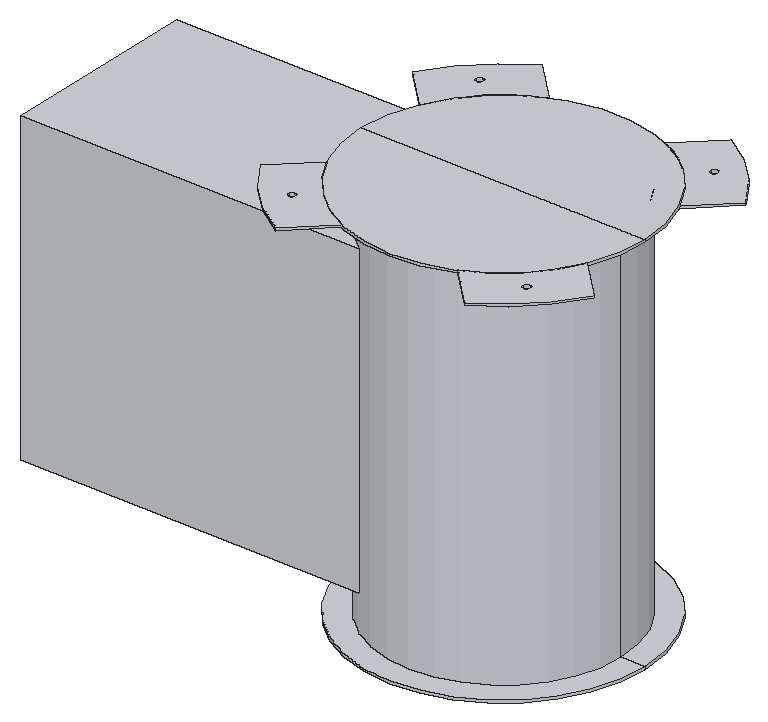
Revit family "VAB_Downblast_Ceiling_Mount", category Mechanical Equipment, Revit 2019
Family settings
  Round Connector Dimension = Use Radius
  Part Type = Normal
  Work Plane-Based = No
  Always vertical = Yes
  Cut with Voids When Loaded = No
  Shared = No
  Room Calculation Point = No
Parameters (values of type "12_VAB_DOWNBLAST_CEILING")
  Unit Weight [instance] = ""
  ModelID [instance] = ""
  L/2 = L / 2  # 0' - 6 3/32"
  J/2 = J / 2  # 0' - 8 5/8"
  J-A = J - A  # 0' - 5 1/4"
  J = 1' - 5 1/4"
  K/2 = K / 2  # 0' - 0 3/16"
  K = 0' - 0 3/8"
  L-(C/2) = L - (C / 2)  # 0' - 5 1/2"
  L = 1' - 0 3/16"
  H-(A/2) = H - (A / 2)  # 1' - 3"
  H+L = H + L  # 2' - 9 3/16"
  H = 1' - 9"
  Sones [instance] = ""
  Motor RPM [instance] = ""
  Motor Enclosure [instance] = ""
  LwA [instance] = ""
  G = 6' - 0"
  Fan RPM [instance] = ""
  F/2 = F / 2  # 0' - 0 5/32"
  F = 0' - 0 5/16"
  E/2 = E / 2  # 0' - 10"
  E-2" = E - 0' 2"  # 1' - 6"
  E-.125" = E - 0' 0 1/8"  # 1' - 7 7/8"
  E = 1' - 8"
  C/2+L = C / 2 + L  # 1' - 6 7/8"
  C/2 = C / 2  # 0' - 6 11/16"
  C = 1' - 1 3/8"
  B/2 = B / 2  # 0' - 7 3/8"
  B = 1' - 2 3/4"
  Accessories [instance] = ""
  A/3 = A / 2.5  # 0' - 4.8"
  A/2 = A / 2  # 0' - 6"
  A = 1' - 0"
  60 = 60.00°  # constant formula
  45 = 45.00°
  30 = 30.00°  # constant formula
  3" = 0' - 3"  # constant formula
  Brake Hp [instance] = ""
  4" = 0' - 4"  # constant formula
  2' = 2' - 0"
  2" = 0' - 2"  # constant formula
  1" = 0' - 1"  # constant formula
  0 = 0' - 0"  # constant formula
  Voltage [instance] = 0 V
  URL = "www.lorencook.com"
  Type Comments = "Fixed Pitch Vane Axial Downblast Ceiling Mount Belt Drive Arrangement 9"  # constant formula
  Static Pressure [instance] = 0.00 in-wg
  Power [instance] = Voltage * Motor FLA * sqrt(if(Phase = 3, 3, 1))  # 0 VA
  Phase [instance] = 0
  Number of Poles [instance] = 1
  Motor Hp [instance] = "0"
  Motor FLA [instance] = 0 A
  Model = "VAB"  # constant formula
  Manufacturer = "Loren Cook Company"
  CFM [instance] = 0 CFM
  1.5 = 0' - 1 1/2"  # constant formula
  ONE EIGTH = 0' - 0 1/8"  # constant formula
  -E/2 = -E / 2  # -0' - 10"
  -(E-.25")/2 = -(E - 0' 0 1/4") / 2  # -0' - 9 7/8"
  (L/2)-1" = (L / 2) - 0' 1"  # 0' - 5 3/32"
  (J-A)/2 = (J - A) / 2  # 0' - 2 5/8"
  (J+(J-A))/2 = (J + (J / 2 - A / 2)) / 2  # 0' - 9 15/16"
  (H-(A/2))/2 = (H - (A / 2)) / 2  # 0' - 7 1/2"
  (E-.25")/2 = (E - 0' 0 1/4") / 2  # 0' - 9 7/8"
  (A+.25")/2 = (A + 0' 0 1/4") / 2  # 0' - 6 1/8"
Types (12): name | L/2 | J/2 | J-A | J | K/2 | K | L-(C/2) | L | H-(A/2) | H+L | H | G | F/2 | F | E/2 | E-2" | E-.125" | E | C/2+L | C/2 | C | B/2 | B | A/3 | A/2 | A | -E/2 | -(E-.25")/2 | (L/2)-1" | (J-A)/2 | (J+(J-A))/2 | (H-(A/2))/2 | (E-.25")/2 | (A+.25")/2
  (no name) | 0' - 6 3/32" | 0' - 8 5/8" | 0' - 5 1/4" | 1' - 5 1/4" | 0' - 0 3/16" | 0' - 0 3/8" | 0' - 5 1/2" | 1' - 0 3/16" | 1' - 3" | 2' - 9 3/16" | 1' - 9" | 6' - 0" | 0' - 0 5/32" | 0' - 0 5/16" | 0' - 10" | 1' - 6" | 1' - 7 7/8" | 1' - 8" | 1' - 6 7/8" | 0' - 6 11/16" | 1' - 1 3/8" | 0' - 7 3/8" | 1' - 2 3/4" | 0' - 4.8" | 0' - 6" | 1' - 0" | -0' - 10" | -0' - 9 7/8" | 0' - 5 3/32" | 0' - 2 5/8" | 0' - 9 15/16" | 0' - 7 1/2" | 0' - 9 7/8" | 0' - 6 1/8"
  12_VAB_DOWNBLAST_CEILING | 0' - 6 3/32" | 0' - 8 5/8" | 0' - 5 1/4" | 1' - 5 1/4" | 0' - 0 3/16" | 0' - 0 3/8" | 0' - 5 1/2" | 1' - 0 3/16" | 1' - 3" | 2' - 9 3/16" | 1' - 9" | 6' - 0" | 0' - 0 5/32" | 0' - 0 5/16" | 0' - 10" | 1' - 6" | 1' - 7 7/8" | 1' - 8" | 1' - 6 7/8" | 0' - 6 11/16" | 1' - 1 3/8" | 0' - 7 3/8" | 1' - 2 3/4" | 0' - 4.8" | 0' - 6" | 1' - 0" | -0' - 10" | -0' - 9 7/8" | 0' - 5 3/32" | 0' - 2 5/8" | 0' - 9 15/16" | 0' - 7 1/2" | 0' - 9 7/8" | 0' - 6 1/8"
  14_VAB_DOWNBLAST_CEILING | 0' - 6 13/16" | 0' - 9 5/8" | 0' - 5 1/4" | 1' - 7 1/4" | 0' - 0 3/16" | 0' - 0 3/8" | 0' - 5 7/8" | 1' - 1 5/8" | 1' - 5" | 3' - 1 5/8" | 2' - 0" | 6' - 0" | 0' - 0 5/32" | 0' - 0 5/16" | 0' - 11 1/2" | 1' - 9" | 1' - 10 7/8" | 1' - 11" | 1' - 9 3/8" | 0' - 7 3/4" | 1' - 3 1/2" | 0' - 8 3/8" | 1' - 4 3/4" | 0' - 5.6" | 0' - 7" | 1' - 2" | -0' - 11 1/2" | -0' - 11 3/8" | 0' - 5 13/16" | 0' - 2 5/8" | 0' - 10 15/16" | 0' - 8 1/2" | 0' - 11 3/8" | 0' - 7 1/8"
  18_VAB_DOWNBLAST_CEILING | 0' - 8 7/32" | 0' - 11 5/8" | 0' - 5 1/4" | 1' - 11 1/4" | 0' - 0 3/16" | 0' - 0 3/8" | 0' - 6 9/16" | 1' - 4 7/16" | 1' - 6 1/4" | 3' - 7 11/16" | 2' - 3 1/4" | 12' - 0" | 0' - 0 7/32" | 0' - 0 7/16" | 1' - 2 1/2" | 2' - 3" | 2' - 4 7/8" | 2' - 5" | 2' - 2 5/16" | 0' - 9 7/8" | 1' - 7 3/4" | 0' - 10 5/8" | 1' - 9 1/4" | 0' - 7.2" | 0' - 9" | 1' - 6" | -1' - 2 1/2" | -1' - 2 3/8" | 0' - 7 7/32" | 0' - 2 5/8" | 1' - 0 15/16" | 0' - 9 1/8" | 1' - 2 3/8" | 0' - 9 1/8"
  21_VAB_DOWNBLAST_CEILING | 0' - 9 9/32" | 1' - 1 1/8" | 0' - 5 1/4" | 2' - 2 1/4" | 0' - 0 3/16" | 0' - 0 3/8" | 0' - 7 3/16" | 1' - 6 9/16" | 1' - 9" | 4' - 2 1/16" | 2' - 7 1/2" | 12' - 0" | 0' - 0 7/32" | 0' - 0 7/16" | 1' - 3 1/2" | 2' - 5" | 2' - 6 7/8" | 2' - 7" | 2' - 5 15/16" | 0' - 11 3/8" | 1' - 10 3/4" | 1' - 0 1/8" | 2' - 0 1/4" | 0' - 8.4" | 0' - 10 1/2" | 1' - 9" | -1' - 3 1/2" | -1' - 3 3/8" | 0' - 8 9/32" | 0' - 2 5/8" | 1' - 2 7/16" | 0' - 10 1/2" | 1' - 3 3/8" | 0' - 10 5/8"
  26_VAB_DOWNBLAST_CEILING | 0' - 11 3/32" | 1' - 3 11/16" | 0' - 5 3/8" | 2' - 7 3/8" | 0' - 0 3/16" | 0' - 0 3/8" | 0' - 8 3/16" | 1' - 10 3/16" | 1' - 9 1/2" | 4' - 8 11/16" | 2' - 10 1/2" | 12' - 0" | 0' - 0 7/32" | 0' - 0 7/16" | 1' - 4" | 2' - 6" | 2' - 7 7/8" | 2' - 8" | 3' - 0 3/16" | 1' - 2" | 2' - 4" | 1' - 3 5/32" | 2' - 6 5/16" | 0' - 10.4" | 1' - 1" | 2' - 2" | -1' - 4" | -1' - 3 7/8" | 0' - 10 3/32" | 0' - 2 11/16" | 1' - 5 1/32" | 0' - 10 3/4" | 1' - 3 7/8" | 1' - 1 1/8"
  29_VAB_DOWNBLAST_CEILING | 1' - 0 1/2" | 1' - 5 11/16" | 0' - 6 3/8" | 2' - 11 3/8" | 0' - 0 7/32" | 0' - 0 7/16" | 0' - 9 1/2" | 2' - 1" | 2' - 2" | 5' - 5 1/2" | 3' - 4 1/2" | 12' - 0" | 0' - 0 7/32" | 0' - 0 7/16" | 1' - 6" | 2' - 10" | 2' - 11 7/8" | 3' - 0" | 3' - 4 1/2" | 1' - 3 1/2" | 2' - 7" | 1' - 4 21/32" | 2' - 9 5/16" | 0' - 11.6" | 1' - 2 1/2" | 2' - 5" | -1' - 6" | -1' - 5 7/8" | 0' - 11 1/2" | 0' - 3 3/16" | 1' - 7 9/32" | 1' - 1" | 1' - 5 7/8" | 1' - 2 5/8"
  36_VAB_DOWNBLAST_CEILING | 1' - 3 11/32" | 1' - 9 11/16" | 0' - 7 3/8" | 3' - 7 3/8" | 0' - 0 7/32" | 0' - 0 7/16" | 0' - 11 11/16" | 2' - 6 11/16" | 2' - 3 1/2" | 6' - 4 3/16" | 3' - 9 1/2" | 16' - 0" | 0' - 0 9/32" | 0' - 0 9/16" | 1' - 9" | 3' - 4" | 3' - 5 7/8" | 3' - 6" | 4' - 1 11/16" | 1' - 7" | 3' - 2" | 1' - 8 5/32" | 3' - 4 5/16" | 1' - 2.4" | 1' - 6" | 3' - 0" | -1' - 9" | -1' - 8 7/8" | 1' - 2 11/32" | 0' - 3 11/16" | 1' - 11 17/32" | 1' - 1 3/4" | 1' - 8 7/8" | 1' - 6 1/8"
  42_VAB_DOWNBLAST_CEILING | 1' - 5 3/32" | 2' - 0 3/16" | 0' - 6 3/8" | 4' - 0 3/8" | 0' - 0 7/32" | 0' - 0 7/16" | 1' - 0" | 2' - 10 3/16" | 2' - 5 1/2" | 7' - 0 11/16" | 4' - 2 1/2" | 16' - 0" | 0' - 0 9/32" | 0' - 0 9/16" | 2' - 1" | 4' - 0" | 4' - 1 7/8" | 4' - 2" | 4' - 8 3/8" | 1' - 10 3/16" | 3' - 8 3/8" | 1' - 10 21/32" | 3' - 9 5/16" | 1' - 4.8" | 1' - 9" | 3' - 6" | -2' - 1" | -2' - 0 7/8" | 1' - 4 3/32" | 0' - 3 3/16" | 2' - 1 25/32" | 1' - 2 3/4" | 2' - 0 7/8" | 1' - 9 1/8"
  48_VAB_DOWNBLAST_CEILING | 1' - 7 15/16" | 2' - 4 3/16" | 0' - 8 3/8" | 4' - 8 3/8" | 0' - 0 7/32" | 0' - 0 7/16" | 1' - 2 5/8" | 3' - 3 7/8" | 2' - 6" | 7' - 9 7/8" | 4' - 6" | 16' - 0" | 0' - 0 9/32" | 0' - 0 9/16" | 2' - 4" | 4' - 6" | 4' - 7 7/8" | 4' - 8" | 5' - 5 1/8" | 2' - 1 1/4" | 4' - 2 1/2" | 2' - 2 19/32" | 4' - 5 3/16" | 1' - 7.2" | 2' - 0" | 4' - 0" | -2' - 4" | -2' - 3 7/8" | 1' - 6 15/16" | 0' - 4 3/16" | 2' - 6 9/32" | 1' - 3" | 2' - 3 7/8" | 2' - 0 1/8"
  54_VAB_DOWNBLAST_CEILING | 1' - 10 3/32" | 2' - 7 1/4" | 0' - 8 1/2" | 5' - 2 1/2" | 0' - 0 7/32" | 0' - 0 7/16" | 1' - 3 15/16" | 3' - 8 3/16" | 2' - 8 1/2" | 8' - 7 11/16" | 4' - 11 1/2" | 16' - 0" | 0' - 0 9/32" | 0' - 0 9/16" | 2' - 7" | 5' - 0" | 5' - 1 7/8" | 5' - 2" | 6' - 0 7/16" | 2' - 4 1/4" | 4' - 8 1/2" | 2' - 5 23/32" | 4' - 11 7/16" | 1' - 9.6" | 2' - 3" | 4' - 6" | -2' - 7" | -2' - 6 7/8" | 1' - 9 3/32" | 0' - 4 1/4" | 2' - 9 3/8" | 1' - 4 1/4" | 2' - 6 7/8" | 2' - 3 1/8"
  60_VAB_DOWNBLAST_CEILING | 2' - 0 7/32" | 2' - 10 1/4" | 0' - 8 1/2" | 5' - 8 1/2" | 0' - 0 7/32" | 0' - 0 7/16" | 1' - 4 13/16" | 4' - 0 7/16" | 2' - 11" | 9' - 5 7/16" | 5' - 5" | 16' - 0" | 0' - 0 9/32" | 0' - 0 9/16" | 2' - 10 1/2" | 5' - 7" | 5' - 8 7/8" | 5' - 9" | 6' - 8 1/16" | 2' - 7 5/8" | 5' - 3 1/4" | 2' - 8 23/32" | 5' - 5 7/16" | 2' - 0" | 2' - 6" | 5' - 0" | -2' - 10 1/2" | -2' - 10 3/8" | 1' - 11 7/32" | 0' - 4 1/4" | 3' - 0 3/8" | 1' - 5 1/2" | 2' - 10 3/8" | 2' - 6 1/8"
Reference planes (in)
  plane 1 "Center (Front/Back)": y = 0
  plane 2: z = 0
  plane 3 "Center (Left/Right)": x = 0.40541
Forms (in)
  Revolve 1, solid
    sketch origin (0, 0, 0) x (1, 0, 0) y (0, 0, 1)
      loop
        line (0.40541, 0) -> (7.78041, 0) -> (7.78041, 0.125) -> (6.53041, 0.125) -> (6.53041, 19.875) -> (7.78041, 19.875) -> (7.78041, 20) -> (0.40541, 20) -> (0.40541, 0)
      axis (0.40541, 20) -> (0.40541, 0)
    angle from 0 to 360
  Extrusion 2, solid
    sketch origin (0, 0, 0) x (1, 0, 0) y (0, 1, 0)
      loop
        line (-2.99596, 5.09375) -> (-20.59459, 5.09375) -> (-20.59459, -5.09375) -> (-2.99596, -5.09375)
        arc (-2.99596, -5.09375) -> (-5.71959, 0) -> (-2.99596, 5.09375) r 6.125
    from 2 to 18 <- "E-2""
  Extrusion 3, solid
    sketch origin (0, 0, 0) x (1, 0, 0) y (0, 1, 0)
      loop
        line (-2.61183, 6.72955) -> (-4.51572, 8.63344)
        arc (-4.51572, 8.63344) -> (-6.62146, 7.02687) -> (-8.22803, 4.92113) r 9.9375
        line (-8.22803, 4.92113) -> (-6.32414, 3.01724)
        arc (-6.32414, 3.01724) -> (-4.8095, 5.21491) -> (-2.61183, 6.72955) r 7.375
      loop
        arc (3.42265, 6.72955) -> (5.62032, 5.21491) -> (7.13496, 3.01724) r 7.375
        line (7.13496, 3.01724) -> (9.03886, 4.92113)
        arc (9.03886, 4.92113) -> (7.43229, 7.02687) -> (5.32655, 8.63344) r 9.9375
        line (5.32655, 8.63344) -> (3.42265, 6.72955)
      loop
        line (3.42265, -6.72955) -> (5.32655, -8.63344)
        arc (5.32655, -8.63344) -> (7.43229, -7.02687) -> (9.03886, -4.92113) r 9.9375
        line (9.03886, -4.92113) -> (7.13496, -3.01724)
        arc (7.13496, -3.01724) -> (5.62032, -5.21491) -> (3.42265, -6.72955) r 7.375
      loop
        arc (-2.61183, -6.72955) -> (-4.8095, -5.21491) -> (-6.32414, -3.01724) r 7.375
        line (-6.32414, -3.01724) -> (-8.22803, -4.92113)
        arc (-8.22803, -4.92113) -> (-6.62146, -7.02687) -> (-4.51572, -8.63344) r 9.9375
        line (-4.51572, -8.63344) -> (-2.61183, -6.72955)
    from 19.875 <- "E-.125"" to 20 <- "E"
  Extrusion 4, void
    sketch origin (0, 0, 0) x (1, 0, 0) y (0, 1, 0)
      loop
        circle (6.49916, 6.09375) r 0.1875
      loop
        circle (-5.68834, 6.09375) r 0.1875
      loop
        circle (-5.68834, -6.09375) r 0.1875
      loop
        circle (6.49916, -6.09375) r 0.1875
    from 0 to 20 <- "E"
Cuts and joins
  Extrusion 4 cuts Revolve 1
  Extrusion 4 cuts Extrusion 2
  Extrusion 4 cuts Extrusion 3
Dimensions and locks (in)
  "0": Revolve 1 sketch curve to plane 3 "Center (Left/Right)"  (x2)
  "E": Revolve 1 sketch curve to Revolve 1 sketch curve
  "0": Revolve 1 sketch curve to level
  "ONE EIGTH": Revolve 1 sketch curve to Revolve 1 sketch curve  (x2)
  "(A+.25")/2": Revolve 1 sketch curve to Revolve 1 sketch curve
  "B/2": Revolve 1 sketch curve to Revolve 1 sketch curve  (x2)
  "(L/2)-1"": plane 1 "Center (Front/Back)" to Extrusion 2 sketch curve
  "(L/2)-1"": Extrusion 2 sketch curve to plane 1 "Center (Front/Back)"
  "H": Extrusion 2 sketch curve to plane 3 "Center (Left/Right)"
  "0": Extrusion 2 sketch curve to plane 3 "Center (Left/Right)"
  "0": Extrusion 2 sketch curve to plane 1 "Center (Front/Back)"
  "(J-A)/2": plane 3 "Center (Left/Right)" to Extrusion 3 sketch curve  (x4)
  "(J-A)/2": Extrusion 3 sketch curve to plane 3 "Center (Left/Right)"  (x3)
  "0": Extrusion 3 sketch curve to plane 3 "Center (Left/Right)"  (x6)
  "0": Extrusion 3 sketch curve to plane 1 "Center (Front/Back)"  (x7)
  "0": plane 1 "Center (Front/Back)" to Extrusion 3 sketch curve
  "0": plane 3 "Center (Left/Right)" to Extrusion 3 sketch curve  (x2)
  "J-A": Extrusion 3 sketch curve to Extrusion 3 sketch curve
  "L/2": plane 3 "Center (Left/Right)" to Extrusion 4 sketch curve  (x4)
  "L/2": plane 1 "Center (Front/Back)" to Extrusion 4 sketch curve  (x4)
  "(A+.25")/2": radius of Extrusion 2 sketch curve
  "B/2": radius of Extrusion 3 sketch curve  (x4)
  "(J+(J-A))/2": radius of Extrusion 3 sketch curve  (x4)
  "K/2": radius of Extrusion 4 sketch curve  (x4)
  "45": angle plane 3 "Center (Left/Right)" to Extrusion 3 sketch curve  (x2)
  "45": angle Extrusion 3 sketch curve to plane 1 "Center (Front/Back)"  (x2)
  "45": angle Extrusion 3 sketch curve to plane 3 "Center (Left/Right)"  (x2)
  "45": angle plane 1 "Center (Front/Back)" to Extrusion 3 sketch curve  (x2)
Automatic sketch dimensions
  Revolve 1 sketch curve to level = 0' - 0"
  Revolve 1 sketch curve to Revolve 1 sketch curve = 1' - 0"
  Extrusion 2 sketch curve to Extrusion 2 sketch curve = 0' - 0"
Connectors (in)
  electrical at (-11.79527, -5.09375, 10)
    settings: on cut or joined group of Extrusion 2, Extrusion 4, index 1, voltage 0 V, apparent load 0 VA, apparent load phase1 0 VA, apparent load phase2 0 VA, apparent load phase3 0 VA, power factor 1, load classification "Other", number of poles 1, system type 14, power factor state 1, is connector primary yes, connector utility no, sub classification motor no, connector description ""
  hvac at (0.40541, 0, 20), driven by "A/2"
    settings: on cut or joined group of Revolve 1, Extrusion 4, index 2, duct flow 0 CFM, flow factor 0, pres drop 0.00 in-wg, loss coef 0, conn angle 0.00°, conn width 12", conn height 12", conn diameter 12", duct sys type 29, conn prof type 0, flow config 0, flow direction 1, loss method 0, conn ref index -1, conn util no, is conn primary yes, conn desc ""
  hvac at (0.40541, 0, 0.125), driven by "A/2"
    settings: on cut or joined group of Revolve 1, Extrusion 4, index 3, duct flow 0 CFM, flow factor 0, pres drop 0.00 in-wg, loss coef 0, conn angle 0.00°, conn width 12", conn height 12", conn diameter 12", duct sys type 29, conn prof type 0, flow config 0, flow direction 2, loss method 0, conn ref index -1, conn util no, is conn primary no, conn desc ""
